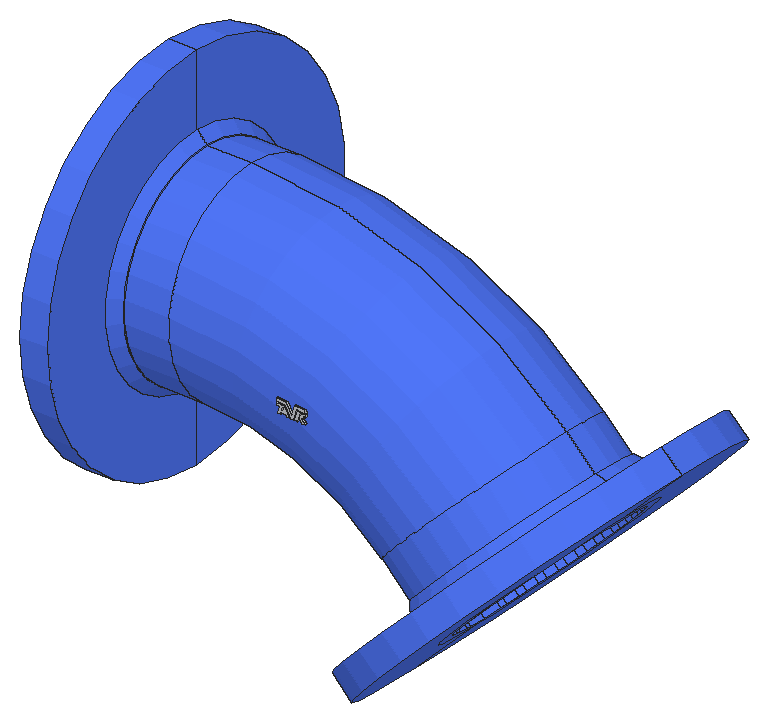
Revit family "712-0065-04-201-DN125", category Pipe Fittings, Revit 2019
Family settings
  Round Connector Dimension = Use Diameter
  Part Type = Elbow
  Work Plane-Based = No
  Always vertical = Yes
  Cut with Voids When Loaded = No
  Shared = No
Parameters (values of type "DN100_PN10/16")
  Search_Table = "712-0420-001-DN40-300"
  Rf_Dia = size_lookup(Search_Table, "Rf_Dia", 0 mm, [Nominal Diameter(DN)]) / 2  # 92 mm
  RF_Thick = size_lookup(Search_Table, "Rf_Thickness", 0 mm, [Nominal Diameter(DN)])  # 3 mm
  L_Ref = size_lookup(Search_Table, "L_Ref", 0 mm, [Nominal Diameter(DN)])  # 90 mm
  L = size_lookup(Search_Table, "L", 0 mm, [Nominal Diameter(DN)])  # 150 mm
  ID(Radius) = [Nominal Diameter(DN)] / 2  # 62.5 mm
  Flange_thickness = size_lookup(Search_Table, "Flange_thickness", 0 mm, [Nominal Diameter(DN)])  # 18.5 mm
  Nominal Diameter(DN) = 125 mm
  FOD = size_lookup(Search_Table, "FOD", 0 mm, [Nominal Diameter(DN)]) / 2  # 125 mm
  URL product pages = "https://www.avkvalves.com/P.aspx?no=712004043201"
  Description_ = "AVK FLANGED PIPE W/LOOSE FLANGES"
  DN125_PN10/16 = yes
  DN 25_PN10/16 = "712-0125-04-201"
  Body_wallthickness = 15 mm + [Nominal Diameter(DN)]  # 140 mm
Reference planes
  plane 1 "Center (Front/Back)": y = 0
  plane 2: z = 0
  plane 3 "Center (Left/Right)": x = 0
  plane 4: through (229.785, -1524, -132.435) normal (-0.7071, 0, 0.7071)
  plane 5: x = 150
  plane 6: through (136.59, -1524, -13.498) normal (-0.7071, 0, 0.7071)
  plane 7: z = 0
  plane 8: through (157.607, -1524, -6.623) normal (0.7071, 0, 0.7071)
Forms (mm)
  Sweep 1, solid, material "Plastic", visible <- "DN125_PN10/16"
    path origin (0, 0, -167.007) x (1, 0, 0) y (0, 0, 1)
      loop
        line (0, 167.007) -> (55.715, 167.007)
        arc (55.715, 167.007) -> (143.732, 149.499) -> (218.349, 99.642) r 230
        line (218.349, 99.642) -> (256.602, 61.389)
    profile origin (27.857, 0, 0) x (0, 0, 1) y (0, -1, 0)
      loop
        circle (0, 0) r 70
  Sweep 2, void
    path origin (0, 0, -167.007) x (1, 0, 0) y (0, 0, 1)
      loop
        line (0, 167.007) -> (55.715, 167.007)
        arc (55.715, 167.007) -> (143.732, 149.499) -> (218.349, 99.642) r 230
        line (218.349, 99.642) -> (256.602, 61.389)
    profile origin (27.857, 0, 0) x (0, 0, 1) y (0, -1, 0)
      loop
        circle (0, 0) r 62.5
  Revolve 3, solid, material "Plastic", visible <- "DN125_PN10/16"
    sketch origin (0, 0, -167.007) x (1, 0, 0) y (0, 0, 1)
      loop
        line (0, 229.507) -> (18.5, 229.507) -> (18.5, 292.007) -> (0, 292.007) -> (0, 229.507)
      axis (0, 167.007) -> (18.5, 167.007)
    angle from 0 to 360
  Revolve 4, solid, material "Plastic", visible <- "DN125_PN10/16"
    sketch origin (0, 0, -167.007) x (1, 0, 0) y (0, 0, 1)
      loop
        line (300.796, 105.583) -> (344.99, 149.778) -> (331.909, 162.859) -> (287.714, 118.665) -> (300.796, 105.583)
      axis (256.602, 61.389) -> (243.52, 74.471)
    angle from 0 to 360
  Revolve 5, solid, material "Plastic", visible <- "DN125_PN10/16"
    sketch origin (0, 0, -167.007) x (1, 0, 0) y (0, 0, 1)
      loop
        line (18.5, 167.007) -> (25.571, 167.007) -> (25.571, 237.155) -> (18.5, 244.226) -> (18.5, 167.007)
      axis (18.5, 167.007) -> (25.571, 167.007)
    angle from 0 to 360
  Revolve 6, solid, material "Plastic", visible <- "DN125_PN10/16"
    sketch origin (0, 0, -167.007) x (1, 0, 0) y (0, 0, 1)
      loop
        line (287.293, 130.491) -> (237.397, 80.594) -> (243.52, 74.471) -> (296.953, 127.903) -> (287.293, 130.491)
      axis (243.52, 74.471) -> (237.397, 80.594)
    angle from 0 to 360
  Extrusion 7, solid, material "Plastic", visible <- "DN125_PN10/16"
    sketch origin (-3.923, 0, -159.014) x (1, 0, 0) y (0, 0, 1)
      loop
        line (108.923, 92.007) -> (108.923, 62.007)
        arc (108.923, 62.007) -> (121.423, 49.507) -> (133.923, 62.007) r 12.5
        line (133.923, 62.007) -> (133.923, 92.007) -> (108.923, 92.007)
      loop
        circle (121.423, 62.007) r 7.035
    from -3.416 to 3.416
Cuts and joins
  Sweep 2 cuts Sweep 1
Dimensions and locks
  "L": plane 5 to plane 3 "Center (Left/Right)"
  "L": plane 6 to plane 4
  "ID(Radius)": Revolve 3 sketch curve to plane 7
  "FOD": Revolve 3 sketch curve to plane 7
  "Flange_thickness": Revolve 3 sketch curve to plane 3 "Center (Left/Right)"
  "FOD": Revolve 4 sketch curve to plane 8
  "ID(Radius)": Revolve 4 sketch curve to plane 8
  "Flange_thickness": Revolve 4 sketch curve to plane 4
  equal spacing: Extrusion 7, plane 1 "Center (Front/Back)", Extrusion 7
  locked: Revolve 3 to Revolve 5 sketch curve at 7.071
  "Body_wallthickness": diameter of Sweep 1 sketch curve
  "Nominal Diameter(DN)": diameter of Sweep 2 sketch curve
  locked: plane 4 to plane 3 "Center (Left/Right)" (angle 45.00°)
  locked: Revolve 3 to Revolve 5 sketch curve (angle 45.00°)
  aligned and locked: level to plane 2
  aligned and locked: Revolve 3 sketch curve to plane 3 "Center (Left/Right)"
  aligned and locked: plane 3 "Center (Left/Right)" to Revolve 3 sketch curve
  aligned and locked: Revolve 4 sketch curve to plane 8
  aligned and locked: Revolve 5 sketch curve to Revolve 3
  aligned and locked: Revolve 5 sketch curve to plane 7
  aligned and locked: plane 7 to Revolve 5 sketch curve
  aligned and locked: Revolve 6 sketch curve to plane 8  (x2)
Automatic sketch dimensions
  Extrusion 7 sketch curve to Extrusion 7 sketch curve = 0 mm  (x2)
  plane 5 to Extrusion 7 sketch curve = 45 mm
  Extrusion 7 sketch curve to Extrusion 7 sketch curve = 12.5 mm
  Extrusion 7 sketch curve to level = 97.007 mm
  Extrusion 7 sketch curve to Extrusion 7 sketch curve = 30 mm
  Revolve 6 sketch curve to level = 86.413 mm
  Revolve 6 sketch curve to level = 92.536 mm
  plane 7 to Revolve 6 sketch curve = 36.516 mm
  plane 7 to Revolve 6 sketch curve = 39.104 mm
  Revolve 6 sketch curve to level = 102.012 mm
  Revolve 6 sketch curve to level = 119.689 mm
  Revolve 5 sketch curve to plane 7 = 70.148 mm
  plane 3 "Center (Left/Right)" to Revolve 5 sketch curve = 5 mm
  Revolve 5 sketch curve to Revolve 5 sketch curve = 25.929 mm
  Sweep 1 sketch curve to plane 3 "Center (Left/Right)" = 0 mm
  Sweep 1 sketch curve to plane 7 = 0 mm
  Sweep 1 sketch curve to plane 8 = 0 mm  (x2)
  plane 4 to Sweep 1 sketch curve = 0 mm
  Sweep 1 sketch curve to level = 230 mm
  plane 7 to Sweep 1 sketch curve = 67.365 mm
  Sweep 2 sketch curve to plane 3 "Center (Left/Right)" = 0 mm
  Sweep 2 sketch curve to plane 7 = 0 mm
  Sweep 2 sketch curve to plane 8 = 0 mm  (x2)
  plane 4 to Sweep 2 sketch curve = 0 mm
  plane 5 to Sweep 2 sketch curve = 94.285 mm
  plane 7 to Sweep 2 sketch curve = 67.365 mm
  Sweep 1 sketch curve to plane 1 "Center (Front/Back)" = 0 mm
  profile plane to Sweep 1 sketch curve = 0 mm
  Sweep 2 sketch curve to plane 1 "Center (Front/Back)" = 0 mm
  profile plane to Sweep 2 sketch curve = 0 mm
  Revolve 3 sketch curve to level = 0 mm
  plane 3 "Center (Left/Right)" to Revolve 3 sketch curve = 30 mm
  plane 4 to Revolve 4 sketch curve = 0 mm  (x2)
  Revolve 4 sketch curve to level = 102.012 mm
  radius of Extrusion 7 sketch curve = 7.035 mm
Nested families
  nested 1: "Latest 1 - Copy" at (139.355, -69.571, -24.076) x (0.9991, -0.0414, -0.0043) z (-0.0416, -0.9939, -0.1024), type "Latest 1 - Copy"
Connectors
  piping at (0, 0, 0), diameter 125, driven by "Nominal Diameter(DN)"
    settings: on Revolve 3, index 1, connector inside diameter 609.6 mm, connector length 0 mm, flow factor 0, pipe flow 0.0 L/s, pressure drop 0.0 Pa, fitting loss kfactor 0, connector angle 0.00°, fixture units 0, engagement length 0 mm, angle of deflection 0.00°, flow configuration 0, flow direction 0, fitting loss method 0, system type 7, joint type 0, gender type 0, connector reference index -1, connector utility 0, adjustable connector no, is connector primary yes, connector description ""
  piping at (256.602, 0, -105.618), diameter 125, driven by "Nominal Diameter(DN)"
    settings: on Revolve 4, index 2, connector inside diameter 609.6 mm, connector length 0 mm, flow factor 0, pipe flow 0.0 L/s, pressure drop 0.0 Pa, fitting loss kfactor 0, connector angle 0.00°, fixture units 0, engagement length 0 mm, angle of deflection 0.00°, flow configuration 0, flow direction 0, fitting loss method 0, system type 7, joint type 0, gender type 0, connector reference index -1, connector utility 0, adjustable connector no, is connector primary no, connector description ""
Definition of nested family "Latest 1 - Copy"
  Parameters
    Default Elevation = 1219.2 mm
  Reference planes
    plane 1 "Center (Front/Back)": y = 0
    plane 2: z = 0
    plane 3 "Center (Left/Right)": x = 0
  Forms (mm)
    Extrusion 1, solid
      sketch origin (0, 0, 0) x (1, 0, 0) y (0, 1, 0)
        loop
          line (-1219.2, 1219.2) -> (-1219.2, -1219.2) -> (1219.2, -1219.2) -> (1219.2, 1219.2) -> (-1219.2, 1219.2)
      from 0 to -304.8
    Extrusion 2, solid
      sketch origin (0, 0, 0) x (1, 0, 0) y (0, 1, 0)
        loop
          line (-2.683, 9.413) -> (-9.884, 9.413) -> (-9.884, 7.46) -> (-4.022, 7.46) -> (-0.985, 0) -> (0.985, 0) -> (4.022, 7.46) -> (9.884, 7.46) -> (9.884, 9.413) -> (2.683, 9.413) -> (0, 2.824) -> (-2.683, 9.413)
        loop
          line (-4.528, 6.707) -> (-9.884, 6.707) -> (-9.884, 4.824) -> (-8.032, 4.824) -> (-9.884, 0) -> (-7.792, 0) -> (-7.394, 1.035) -> (-4.328, 1.035) -> (-3.907, 0) -> (-1.798, 0) -> (-4.528, 6.707)
        loop
          line (-6.91, 2.824) -> (-5.056, 2.824) -> (-6.01, 5.167) -> (-6.91, 2.824)
        loop
          line (1.798, 0) -> (3.907, 0) -> (4.98, 2.637) -> (6.968, 0) -> (9.413, 0) -> (7.166, 2.983)
          arc (7.166, 2.983) -> (8.216, 3.774) -> (9.007, 4.824) r 4.724
          line (9.007, 4.824) -> (9.884, 4.824) -> (9.884, 6.707) -> (8.001, 6.707)
          arc (8.001, 6.707) -> (7.315, 5.008) -> (5.642, 4.261) r 2.448
          line (5.642, 4.261) -> (6.637, 6.707) -> (4.528, 6.707) -> (1.798, 0)
      from 0 to 1
  Dimensions and locks
    aligned and locked: plane 2 to Extrusion 1
    aligned and locked: level to Extrusion 1
    aligned and locked: Extrusion 2 sketch curve to import instance  (x30)
